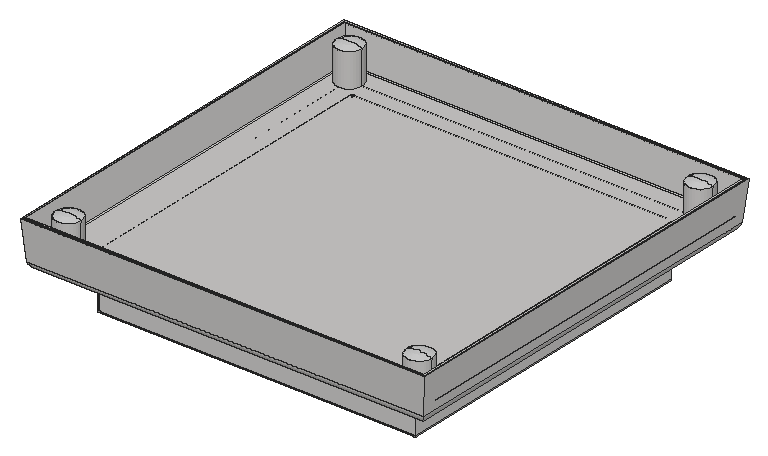
Revit family "NLRS_33_GM_FB_TC_STORAX_vloerluik_BV-THERMO_BCB", category Generic Models, host Face, Revit 2014
Parameters (values of type "BV-THERMO 55")
  vullen_met_beton = "ja"  # constant formula
  vergrendeling = "nee"  # constant formula
  uitwendige_lengte = 635 mm
  uitwendige_breedte = 635 mm
  sluiting = "4"  # constant formula
  scharnierend = "nee"  # constant formula
  rubberen_afdichting = "enkel"  # constant formula
  productgroep = "Vloerluiken"  # constant formula
  materiaal = bcb_staal
  inbouwhoogte [instance] = 75 mm
  geïsoleerd = "ja"  # constant formula
  gewicht = "19"
  gasdrukveer = "nee"  # constant formula
  brandwerend 90 min = "nee"  # constant formula
  binnenmaat_lengte = uitwendige_lengte - 135 mm  # 500 mm
  binnenmaat_breedte = uitwendige_breedte - 135 mm  # 500 mm
  binnenluik = "tbv betonvulling"  # constant formula
  belasting = "125 kN"  # constant formula
  URL = "http://www.storax.nl/producten/Staal/274/BV-FL-THERMO"
  RC-waarde = "3.2 m2 K/W"
  Model = "BV"  # constant formula
  Manufacturer = "Storax"  # constant formula
  Default Elevation = 1219.2 mm
Types (8, lengths in mm): name | uitwendige_lengte | uitwendige_breedte | gewicht | binnenmaat_lengte | binnenmaat_breedte
  (no name) | 635 | 635 | "19" | 500 | 500
  BV-THERMO 55 | 635 | 635 | "19" | 500 | 500
  BV-THERMO 66 | 735 | 735 | "23" | 600 | 600
  BV-THERMO 86 | 935 | 735 | "29" | 800 | 600
  BV-THERMO 88 | 935 | 935 | "33" | 800 | 800
  BV-THERMO 106 | 1135 | 735 | "33" | 1000 | 600
  BV-THERMO 110 | 1135 | 1135 | "45" | 1000 | 1000
  maatwerk | 1135 | 1135 | "45" | 1000 | 1000
Reference planes
  plane 1 "Center (Front/Back)": y = 0
  plane 2: z = 0
  plane 3 "Center (Left/Right)": x = 0
  plane 4: y = 317.5
  plane 5: y = -317.5
  plane 6: x = 317.5
  plane 7: x = -317.5
  plane 8: z = -75
  plane 9: x = -275.5
  plane 10: y = 275.5
  plane 11: y = -275.5
  plane 12: x = 275.5
  plane 13: x = -155.5
  plane 14: x = 155.5
  plane 15: y = -155.5
  plane 16: y = 155.5
  plane 17: x = -247
  plane 18: x = 247
  plane 19: y = -246.5
  plane 20: y = 246.5
Forms (mm)
  Sweep 1, solid, material "bcb_staal" <- "materiaal", detail levels medium+fine
    path origin (0, 0, 0) x (1, 0, 0) y (0, 1, 0)
      loop
        line (-317.5, 317.5) -> (-317.5, -317.5) -> (317.5, -317.5) -> (317.5, 317.5) -> (-317.5, 317.5)
    profile origin (-317.5, 0, 0) x (-1, 0, 0) y (0, 0, 1)
      loop
        line (0, 0) -> (-2.01, 0) -> (-8.062, -60.739)
        arc (-8.062, -60.739) -> (-19.025, -71.913) -> (-32.302, -63.62) r 12.5
        line (-32.302, -63.62) -> (-34.724, -56.679)
        arc (-34.724, -56.679) -> (-38.41, -54.001) -> (-42.212, -56.51) r 4
        line (-42.212, -56.51) -> (-44.362, -61.868)
        arc (-44.362, -61.868) -> (-48.269, -64.946) -> (-52.899, -63.13) r 5
        line (-52.899, -63.13) -> (-56.64, -57.982)
        arc (-56.64, -57.982) -> (-63.349, -55.792) -> (-67.5, -61.5) r 6
        line (-67.5, -61.5) -> (-67.5, -75) -> (-65.5, -75) -> (-65.5, -61.5)
        arc (-65.5, -61.5) -> (-62.734, -57.695) -> (-58.262, -59.152) r 4
        line (-58.262, -59.152) -> (-54.667, -64.109)
        arc (-54.667, -64.109) -> (-48.142, -66.947) -> (-42.504, -62.607) r 7
        line (-42.504, -62.607) -> (-40.356, -57.255)
        arc (-40.356, -57.255) -> (-38.451, -56.001) -> (-36.61, -57.346) r 2
        line (-36.61, -57.346) -> (-34.19, -64.279)
        arc (-34.19, -64.279) -> (-18.789, -73.899) -> (-6.071, -60.938) r 14.5
        line (-6.071, -60.938) -> (0, 0)
  Sweep 2, solid, material "bcb_staal" <- "materiaal", detail levels medium+fine
    path origin (0, 0, 0) x (1, 0, 0) y (0, 1, 0)
      loop
        line (-317.5, 317.5) -> (-317.5, -317.5) -> (317.5, -317.5) -> (317.5, 317.5) -> (-317.5, 317.5)
    profile origin (-317.5, 0, 0) x (-1, 0, 0) y (0, 0, 1)
      loop
        line (-10.487, -50.628) -> (-2.484, 0) -> (-4.5, 0) -> (-12.438, -50.313)
        arc (-12.438, -50.313) -> (-13.121, -51.538) -> (-14.437, -52.024) r 2.024
        line (-14.437, -52.024) -> (-67.5, -52.024) -> (-67.5, -53.988) -> (-14.751, -53.988)
        arc (-14.751, -53.988) -> (-11.962, -53.142) -> (-10.487, -50.628) r 4
  Sweep 3, solid, material "bcb_staal" <- "materiaal", detail levels coarse
    path origin (0, 0, 0) x (1, 0, 0) y (0, 1, 0)
      loop
        line (-317.5, 317.5) -> (-317.5, -317.5) -> (317.5, -317.5) -> (317.5, 317.5) -> (-317.5, 317.5)
    profile origin (-317.5, 0, 0) x (-1, 0, 0) y (0, 0, 1)
      loop
        line (0, 0) -> (-4.5, 0) -> (-12.74, -52.024) -> (-67.5, -52.024) -> (-67.5, -75) -> (-7.473, -75) -> (0, 0)
  Extrusion 4, solid, material "bcb_staal" <- "materiaal", detail levels medium+fine
    sketch origin (0, 0, 0) x (1, 0, 0) y (0, 1, 0)
      loop
        line (-250, 250) -> (-250, -250) -> (250, -250) -> (250, 250) -> (-250, 250)
    from -53.988 to -52
  Extrusion 5, solid, material "bcb_staal" <- "materiaal", detail levels coarse
    sketch origin (0, 0, 0) x (1, 0, 0) y (0, 1, 0)
      loop
        line (-250, 250) -> (-250, -250) -> (250, -250) -> (250, 250) -> (-250, 250)
    from -75 to -52.024
  Extrusion 6, void
    sketch origin (0, 0, 0) x (1, 0, 0) y (0, 1, 0)
      loop
        line (-155.5, -155.5) -> (155.5, -155.5) -> (155.5, 155.5) -> (-155.5, 155.5) -> (-155.5, -155.5)
    from -500 to 10
  Sweep 7, void
    path origin (0, 0, 0) x (1, 0, 0) y (0, 1, 0)
      loop
        line (-317.5, 317.5) -> (-317.5, -317.5) -> (317.5, -317.5) -> (317.5, 317.5) -> (-317.5, 317.5)
    profile origin (-317.5, 0, 0) x (-1, 0, 0) y (0, 0, 1)
      loop
        line (0.498, 5) -> (-162, 5) -> (-162, -365) -> (-65.5, -365) -> (-65.5, -75) -> (-7.473, -75) -> (0.498, 5)
  Sweep 8, solid, material "bcb_staal" <- "materiaal"
    path origin (0, 0, 0) x (1, 0, 0) y (0, 1, 0)
      loop
        line (-317.5, 317.5) -> (-317.5, -317.5) -> (317.5, -317.5) -> (317.5, 317.5) -> (-317.5, 317.5)
    profile origin (-317.5, 0, 0) x (-1, 0, 0) y (0, 0, 1)
      loop
        line (-58.5, -55.001) -> (-58.5, -54.001) -> (-66.5, -54.001)
        arc (-66.5, -54.001) -> (-67.914, -54.587) -> (-68.5, -56.001) r 2
        line (-68.5, -56.001) -> (-68.5, -136)
        arc (-68.5, -136) -> (-68.793, -136.707) -> (-69.5, -137) r 1
        line (-69.5, -137) -> (-82.5, -137) -> (-82.5, -138) -> (-69.5, -138)
        arc (-69.5, -138) -> (-68.086, -137.414) -> (-67.5, -136) r 2
        line (-67.5, -136) -> (-67.5, -56.001)
        arc (-67.5, -56.001) -> (-67.207, -55.294) -> (-66.5, -55.001) r 1
        line (-66.5, -55.001) -> (-58.5, -55.001)
  Extrusion 9, solid, material "bcb_pe"
    sketch origin (0, 0, 0) x (1, 0, 0) y (0, 1, 0)
      loop
        line (-247, 246.5) -> (-247, -246.5) -> (247, -246.5) -> (247, 246.5) -> (-247, 246.5)
    from -137 to -57.982
Cuts and joins
  joined: Sweep 2, Extrusion 4
  joined: Sweep 3, Extrusion 5
Text (mm)
  text "Indien u deze familie geopend hebt vanuit het project via Edit Family: Niet Opslaan!\n\nOpen de familie via File - Open Family om de familie aan te passen.\n\n\n\nMocht u zelf aanpassingen willen aanbrengen in een type van de family, \n\npak dan het type maatwerk en neem contact op met Storax." at (-0.374, 589.999, 0), in view "Ref. Level"
Dimensions and locks
  equal spacing: plane 7, plane 3 "Center (Left/Right)", plane 6
  "uitwendige_breedte": plane 7 to plane 6
  equal spacing: plane 4, plane 1 "Center (Front/Back)", plane 5
  "uitwendige_lengte": plane 4 to plane 5
  locked: plane 4 to plane 10 at 42
  locked: plane 7 to plane 9 at 42
  locked: plane 12 to plane 6 at 42
  locked: plane 5 to plane 11 at 42
  locked: plane 9 to plane 13 at 120
  locked: plane 14 to plane 12 at 120
  locked: plane 15 to plane 11 at 120
  locked: plane 10 to plane 16 at 120
  locked: plane 9 to plane 17 at 28.5
  locked: plane 18 to plane 12 at 28.5
  locked: plane 11 to plane 19 at 29
  locked: plane 10 to plane 20 at 29
  aligned and locked: plane 2 to host face
  aligned and locked: level to host face
  aligned and locked: Sweep 1 sketch curve to plane 4
  aligned and locked: plane 7 to Sweep 1 sketch curve
  aligned and locked: plane 5 to Sweep 1 sketch curve
  aligned and locked: Sweep 1 sketch curve to plane 6
  aligned and locked: Sweep 2 sketch curve to Sweep 1  (x4)
  aligned and locked: Sweep 3 sketch curve to Sweep 1  (x4)
  aligned and locked: Extrusion 4 sketch curve to Sweep 1  (x4)
  aligned and locked: Extrusion 5 sketch curve to Sweep 3  (x2)
  aligned and locked: Extrusion 5 sketch curve to Sweep 1  (x2)
  aligned and locked: plane 9 to nested 1
  aligned and locked: nested 1 to plane 10
  aligned and locked: nested 2 to plane 12
  aligned and locked: plane 10 to nested 2
  aligned and locked: plane 11 to nested 3
  aligned and locked: nested 3 to plane 9
  aligned and locked: nested 4 to plane 11
  aligned and locked: plane 12 to nested 4
  aligned and locked: Extrusion 6 to plane 16
  aligned and locked: Extrusion 6 to plane 14
  aligned and locked: Extrusion 6 to plane 15
  aligned and locked: Extrusion 6 to plane 13
  aligned and locked: Sweep 7 sketch curve to plane 4
  aligned and locked: Sweep 7 sketch curve to plane 6
  aligned and locked: plane 5 to Sweep 7 sketch curve
  aligned and locked: plane 7 to Sweep 7 sketch curve
  aligned and locked: Sweep 8 sketch curve to plane 4
  aligned and locked: Sweep 8 sketch curve to plane 6
  aligned and locked: plane 7 to Sweep 8 sketch curve
  aligned and locked: plane 5 to Sweep 8 sketch curve
  aligned and locked: Extrusion 9 sketch curve to plane 20
  aligned and locked: Extrusion 9 sketch curve to plane 18
  aligned and locked: Extrusion 9 sketch curve to plane 19
  aligned and locked: Extrusion 9 sketch curve to plane 17
Automatic sketch dimensions
  host sketch curve to host sketch curve = 2000 mm  (x2)
  Sweep 1 sketch curve to profile plane = 0 mm
  profile plane to Sweep 1 sketch curve = 6.071 mm
  Sweep 1 sketch curve to Sweep 1 sketch curve = 1.99 mm
  Sweep 1 sketch curve to Sweep 1 sketch curve = 12.438 mm
  Sweep 1 sketch curve to Sweep 1 sketch curve = 0 mm  (x6)
  Sweep 1 sketch curve to Sweep 1 sketch curve = 11.802 mm
  Sweep 1 sketch curve to Sweep 1 sketch curve = 1.888 mm
  Sweep 1 sketch curve to Sweep 1 sketch curve = 2.423 mm
  Sweep 1 sketch curve to Sweep 1 sketch curve = 1.886 mm
  Sweep 1 sketch curve to Sweep 1 sketch curve = 1.89 mm
  Sweep 1 sketch curve to Sweep 1 sketch curve = 1.856 mm  (x2)
  Sweep 1 sketch curve to Sweep 1 sketch curve = 2.147 mm
  Sweep 1 sketch curve to Sweep 1 sketch curve = 1.858 mm
  Sweep 1 sketch curve to Sweep 1 sketch curve = 4.638 mm
  Sweep 1 sketch curve to Sweep 1 sketch curve = 3.899 mm
  Sweep 1 sketch curve to Sweep 1 sketch curve = 1.768 mm
  Sweep 1 sketch curve to Sweep 1 sketch curve = 3.741 mm
  Sweep 1 sketch curve to Sweep 1 sketch curve = 1.622 mm
  Sweep 1 sketch curve to Sweep 1 sketch curve = 3.238 mm
  Sweep 1 sketch curve to Sweep 1 sketch curve = 4 mm
  Sweep 1 sketch curve to Sweep 1 sketch curve = 2 mm
  Sweep 1 sketch curve to level = 56.51 mm
  Sweep 1 sketch curve to Sweep 1 sketch curve = 0.169 mm
  Sweep 1 sketch curve to Sweep 1 sketch curve = 0.745 mm
  Sweep 1 sketch curve to Sweep 1 sketch curve = 0.654 mm
  Sweep 1 sketch curve to Sweep 1 sketch curve = 1.471 mm
  Sweep 1 sketch curve to Sweep 1 sketch curve = 1.17 mm
  Sweep 1 sketch curve to Sweep 1 sketch curve = 2.821 mm
  Sweep 1 sketch curve to Sweep 1 sketch curve = 3.49 mm
  Sweep 1 sketch curve to Sweep 1 sketch curve = 1.239 mm
  Sweep 1 sketch curve to Sweep 1 sketch curve = 0.198 mm
  Sweep 1 sketch curve to Sweep 1 sketch curve = 1.867 mm
  Sweep 1 sketch curve to Sweep 1 sketch curve = 0.739 mm
  Sweep 1 sketch curve to Sweep 1 sketch curve = 13.5 mm
  profile plane to Sweep 1 sketch curve = 2.01 mm
  Sweep 1 sketch curve to Sweep 1 sketch curve = 60.938 mm
  Sweep 2 sketch curve to level = 0 mm
  profile plane to Sweep 2 sketch curve = 14.751 mm
  Sweep 2 sketch curve to Sweep 2 sketch curve = 0.313 mm  (x2)
  Sweep 2 sketch curve to Sweep 2 sketch curve = 0 mm  (x2)
  Sweep 2 sketch curve to Sweep 2 sketch curve = 1.95 mm
  Sweep 2 sketch curve to Sweep 2 sketch curve = 0.315 mm
  Sweep 2 sketch curve to Sweep 2 sketch curve = 53.063 mm
  profile plane to Sweep 2 sketch curve = 4.5 mm
  Sweep 2 sketch curve to Sweep 2 sketch curve = 2.016 mm
  Sweep 2 sketch curve to level = 52.024 mm
  Sweep 2 sketch curve to Sweep 2 sketch curve = 1.963 mm
  Sweep 3 sketch curve to level = 0 mm
  Sweep 3 sketch curve to profile plane = 0 mm
  profile plane to Sweep 3 sketch curve = 4.5 mm
  profile plane to Sweep 3 sketch curve = 12.74 mm
  Sweep 3 sketch curve to Sweep 3 sketch curve = 54.76 mm
  Sweep 3 sketch curve to level = 52.024 mm
  profile plane to Sweep 3 sketch curve = 7.473 mm
  Sweep 3 sketch curve to Sweep 3 sketch curve = 22.976 mm
  Extrusion 6 sketch curve to plane 11 = 120 mm
  Extrusion 6 sketch curve to plane 1 "Center (Front/Back)" = 155.5 mm
  Extrusion 6 sketch curve to plane 13 = 0 mm
  Extrusion 6 sketch curve to plane 14 = 0 mm
  level to Sweep 7 sketch curve = 5 mm
  profile plane to Sweep 7 sketch curve = 162 mm
  profile plane to Sweep 7 sketch curve = 65.5 mm
  profile plane to Sweep 7 sketch curve = 7.473 mm
  Sweep 7 sketch curve to profile plane = 0.498 mm
  Sweep 7 sketch curve to level = 75 mm
  Sweep 7 sketch curve to Sweep 7 sketch curve = 290 mm
  Sweep 8 sketch curve to Sweep 8 sketch curve = 0 mm  (x4)
  Sweep 8 sketch curve to Sweep 8 sketch curve = 1 mm  (x2)
  Sweep 8 sketch curve to Sweep 8 sketch curve = 8 mm
  Sweep 8 sketch curve to level = 56.001 mm
  profile plane to Sweep 8 sketch curve = 69.5 mm
  profile plane to Sweep 8 sketch curve = 68.5 mm
  Sweep 8 sketch curve to Sweep 8 sketch curve = 79.999 mm
  Sweep 8 sketch curve to Sweep 8 sketch curve = 13 mm
Nested families
  nested 1: "NLRS_33_GM_FB_TC_STORAX_vloerluik_BV_BCB_Inbusbout" at (-275.5, 275.5, -52.024), type "NLRS_33_GM_FB_TC_STORAX_vloerluik_BV_BCB_Inbusbout"
  nested 2: "NLRS_33_GM_FB_TC_STORAX_vloerluik_BV_BCB_Inbusbout" at (275.5, 275.5, -52.024) x (-1, 0, 0) z (0, 0, 1), type "NLRS_33_GM_FB_TC_STORAX_vloerluik_BV_BCB_Inbusbout"
  nested 3: "NLRS_33_GM_FB_TC_STORAX_vloerluik_BV_BCB_Inbusbout" at (-275.5, -275.5, -52.024), type "NLRS_33_GM_FB_TC_STORAX_vloerluik_BV_BCB_Inbusbout"
  nested 4: "NLRS_33_GM_FB_TC_STORAX_vloerluik_BV_BCB_Inbusbout" at (275.5, -275.5, -52.024) x (-1, 0, 0) z (0, 0, 1), type "NLRS_33_GM_FB_TC_STORAX_vloerluik_BV_BCB_Inbusbout"
Definition of nested family "NLRS_33_GM_FB_TC_STORAX_vloerluik_BV_BCB_Inbusbout"
  Parameters (values of type "NLRS_33_GM_FB_TC_STORAX_vloerluik_BV_BCB_Inbusbout")
    materiaal = bcb_staal
    Default Elevation = 1219.2 mm
  Reference planes
    plane 1 "Center (Front/Back)": y = 0
    plane 2: z = 0
    plane 3 "Center (Left/Right)": x = 0
  Forms (mm)
    Extrusion 1, solid, not visible
      sketch origin (0, 0, 0) x (1, 0, 0) y (0, 1, 0)
        loop
          line (-250, 250) -> (-250, -250) -> (250, -250) -> (250, 250) -> (-250, 250)
      from 0 to -100
    Extrusion 2, solid, material "bcb_staal" <- "materiaal", detail levels medium+fine
      sketch origin (0, 0, 0) x (1, 0, 0) y (0, 1, 0)
        loop
          circle (0, 0) r 20
      from 0 to 52
    Revolve 3, solid, material "bcb_kunststof", detail levels medium+fine
      sketch origin (0, 0, 0) x (1, 0, 0) y (0, 0, 1)
        loop
          line (-20, 52) -> (0, 52) -> (0, 56)
          arc (0, 56) -> (-10.198, 54.99) -> (-20, 52) r 52
        axis (0, 56) -> (0, 52)
      angle from 0 to 360
  Dimensions and locks
    aligned and locked: plane 2 to Extrusion 1
    aligned and locked: level to Extrusion 1
